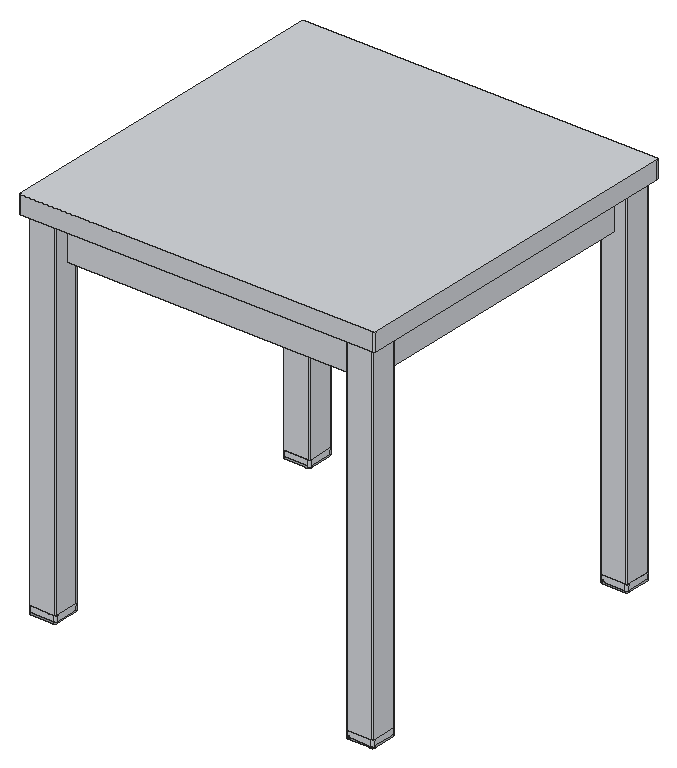
Revit family "Table-LaZBoy-K_Series-Rectangular", category Furniture, Revit 2017
Family settings
  OmniClass Number = 23.40.20.00
  Work Plane-Based = No
  Always vertical = Yes
  Cut with Voids When Loaded = No
  Shared = No
  Room Calculation Point = No
Parameters (values of type "20"x20"")
  Width = 20.00"
  URL = "https://www.la-z-boy.com/"
  Product Documentation Link = "URL"
  Model = "KOT2020"
  Manufacturer = "LaZBoy"
  Height = 21.25"
  Description = "Rectangular Magazine Table, Thermofoil"
  Depth = 20.00"
  Copyright © = "Inc"
  Assembly Code = "E2020200"
  Table Material [instance] = none
Types (4): name | Width | Model | Height | Depth
  20"x20" | 20.00" | "KOT2020" | 21.25" | 20.00"
  24"x20" | 24.00" | "KOT2420" | 21.25" | 20.00"
  36"x36" | 36.00" | "KOT3636" | 16.25" | 36.00"
  48"x20" | 48.00" | "KOT4820" | 16.25" | 20.00"
Reference planes (in)
  plane 1 "Center (Front/Back)": y = 0
  plane 2: z = 0
  plane 3 "Center (Left/Right)": x = 0
  plane 4 "Left": x = -10
  plane 5 "Right": x = 10
  plane 6: z = 21.25
  plane 7: y = 10
  plane 8: y = -10
  plane 9: z = 20.25
  plane 10: z = 18
  plane 11: x = -8.94365
  plane 12: y = 8.94365
  plane 13: y = -8.94365
  plane 14: x = 8.94365
Forms (in)
  Extrusion 1, solid, material <- "Table Material"
    sketch origin (0, 20.07714, 21.25) x (0, 1, 0) y (-1, 0, 0)
      loop
        line (-11.88964, 8.9375) -> (-28.26464, 8.9375) -> (-28.26464, 8.5) -> (-27.82714, 8.0625) -> (-26.54865, 8.0625) -> (-28.13964, 6.47151) -> (-28.13964, 7.75) -> (-28.57714, 8.1875) -> (-29.01464, 8.1875) -> (-29.01464, -8.1875) -> (-28.57714, -8.1875) -> (-28.13964, -7.75) -> (-28.13964, -6.47151) -> (-26.54865, -8.0625) -> (-27.82714, -8.0625) -> (-28.26464, -8.5) -> (-28.26464, -8.9375) -> (-11.88964, -8.9375) -> (-11.88964, -8.5) -> (-12.32714, -8.0625) -> (-13.60563, -8.0625) -> (-12.01464, -6.47151) -> (-12.01464, -7.75) -> (-11.57714, -8.1875) -> (-11.13964, -8.1875) -> (-11.13964, 8.1875) -> (-11.57714, 8.1875) -> (-12.01464, 7.75) -> (-12.01464, 6.47151) -> (-13.60563, 8.0625) -> (-12.32714, 8.0625) -> (-11.88964, 8.5) -> (-11.88964, 8.9375)
      loop
        line (-28.13964, 5.23407) -> (-28.13964, -5.23407) -> (-25.31121, -8.0625) -> (-14.84306, -8.0625) -> (-12.01464, -5.23407) -> (-12.01464, 5.23407) -> (-14.84306, 8.0625) -> (-25.31121, 8.0625) -> (-28.13964, 5.23407)
    from -3.25 to -1
  Extrusion 2, solid, material <- "Table Material"
    sketch origin (0, 20.07714, 21.25) x (0, 1, 0) y (-1, 0, 0)
      loop
        arc (-10.07714, 9.89) -> (-10.10936, 9.96778) -> (-10.18714, 10) r 0.11
        line (-10.18714, 10) -> (-29.96714, 10)
        arc (-29.96714, 10) -> (-30.04492, 9.96778) -> (-30.07714, 9.89) r 0.11
        line (-30.07714, 9.89) -> (-30.07714, -9.89)
        arc (-30.07714, -9.89) -> (-30.04492, -9.96778) -> (-29.96714, -10) r 0.11
        line (-29.96714, -10) -> (-10.18714, -10)
        arc (-10.18714, -10) -> (-10.10936, -9.96778) -> (-10.07714, -9.89) r 0.11
        line (-10.07714, -9.89) -> (-10.07714, 9.89)
    from 0 to -1
Lines and regions (in)
  Masking region 1
    outline origin (0, 0, 0) x (1, 0, 0) y (0, 1, 0)
      loop
        line (9.89, 10) -> (-9.89, 10)
        arc (-9.89, 10) -> (-9.96778, 9.96778) -> (-10, 9.89) r 0.11
        line (-10, 9.89) -> (-10, -9.89)
        arc (-10, -9.89) -> (-9.96778, -9.96778) -> (-9.89, -10) r 0.11
        line (-9.89, -10) -> (9.89, -10)
        arc (9.89, -10) -> (9.96778, -9.96778) -> (10, -9.89) r 0.11
        line (10, -9.89) -> (10, 9.89)
        arc (10, 9.89) -> (9.96778, 9.96778) -> (9.89, 10) r 0.11
Dimensions and locks (in)
  equal spacing: plane 4 "Left", plane 3 "Center (Left/Right)", plane 5 "Right"
  "Height": plane 6 to plane 2
  "Width": plane 4 "Left" to plane 5 "Right"
  "Depth": plane 7 to plane 8
  equal spacing: plane 7, plane 1 "Center (Front/Back)", plane 8
  locked: plane 6 to plane 9 at 1
  locked: plane 10 to plane 9 at 2.25
  locked: plane 4 "Left" to plane 11 at 1.05635
  equal spacing: plane 13, plane 1 "Center (Front/Back)", plane 12
  equal spacing: plane 11, plane 3 "Center (Left/Right)", plane 14
  locked: plane 12 to plane 7 at 1.05635
  radius of Extrusion 2 sketch curve = 0.11"  (x4)
  aligned and locked: level to plane 2
  aligned and locked: plane 3 "Center (Left/Right)" to nested 1
  aligned and locked: plane 1 "Center (Front/Back)" to nested 1
  aligned and locked: plane 9 to Extrusion 1
  aligned and locked: plane 10 to Extrusion 1
  aligned and locked: nested 3 to plane 11
  aligned and locked: nested 3 to plane 13
  aligned and locked: plane 11 to nested 2
  aligned and locked: plane 12 to nested 2
  aligned and locked: plane 14 to nested 4
  aligned and locked: nested 4 to plane 12
  aligned and locked: plane 13 to nested 5
  aligned and locked: nested 5 to plane 14
  aligned and locked: Extrusion 2 to plane 6
  aligned and locked: Extrusion 2 to plane 9
  aligned and locked: Extrusion 2 sketch curve to plane 7
  aligned and locked: plane 5 "Right" to Extrusion 2 sketch curve
  aligned and locked: Masking region 1 sketch curve to Extrusion 2  (x4)
Automatic sketch dimensions
  Extrusion 1 sketch curve to plane 8 = 1.0625"
  Extrusion 1 sketch curve to Extrusion 1 sketch curve = 0.4375"  (x11)
  Extrusion 1 sketch curve to Extrusion 1 sketch curve = 0.3125"  (x15)
  Extrusion 1 sketch curve to Extrusion 1 sketch curve = 0.00"  (x4)
  Extrusion 1 sketch curve to Extrusion 1 sketch curve = 1.27849"  (x7)
  plane 4 "Left" to Extrusion 1 sketch curve = 1.9375"  (x2)
  Extrusion 1 sketch curve to Extrusion 1 sketch curve = 1.23744"  (x8)
  plane 5 "Right" to Extrusion 1 sketch curve = 1.9375"  (x2)
  Extrusion 1 sketch curve to plane 7 = 4.76593"  (x2)
  plane 5 "Right" to Extrusion 1 sketch curve = 1.8125"
  Extrusion 1 sketch curve to Extrusion 1 sketch curve = 0.125"
  Extrusion 1 sketch curve to Extrusion 1 sketch curve = 2.82843"  (x2)
  Extrusion 2 sketch curve to plane 8 = 0.00"
  Extrusion 2 sketch curve to plane 4 "Left" = 0.00"
  Extrusion 2 sketch curve to plane 5 "Right" = 0.00"
  Extrusion 2 sketch curve to plane 8 = 0.11"
Nested families (in)
  nested 1: "Label 1-16" at (0, 0, 0), type "Center", detail levels fine
    with Offset (LR) 0.00"
  nested 2: "TableLeg-KSeries" at (-8.94365, 8.94365, 0), Height <- "Height", Leg Material <- "Table Material", type "Leg"
    with Leg Material none, Height 21.25"
  nested 3: "TableLeg-KSeries" at (-8.94365, -8.94365, 0), Height <- "Height", Leg Material <- "Table Material", type "Leg"
    with Leg Material none, Height 21.25"
  nested 4: "TableLeg-KSeries" at (8.94365, 8.94365, 0) x (-1, 0, 0) z (0, 0, 1), Height <- "Height", Leg Material <- "Table Material", type "Leg"
    with Leg Material none, Height 21.25"
  nested 5: "TableLeg-KSeries" at (8.94365, -8.94365, 0) x (-1, 0, 0) z (0, 0, 1), Height <- "Height", Leg Material <- "Table Material", type "Leg"
    with Leg Material none, Height 21.25"
Definition of nested family "TableLeg-KSeries"
  Parameters (values of type "Leg")
    Leg Material [instance] = none
    Height [instance] = 15.955"
  Reference planes (in)
    plane 1 "Center (Front/Back)": y = 0
    plane 2: z = 0
    plane 3 "Center (Left/Right)": x = 0
    plane 4: z = 14.955
    plane 5: z = 15.955
  Forms (in)
    Extrusion 1, solid, material <- "Leg Material"
      sketch origin (0, 0, 0) x (1, 0, 0) y (0, 1, 0)
        loop
          line (0.69365, 0.75615) -> (-0.69365, 0.75615)
          arc (-0.69365, 0.75615) -> (-0.73785, 0.73785) -> (-0.75615, 0.69365) r 0.0625
          line (-0.75615, 0.69365) -> (-0.75615, -0.69365)
          arc (-0.75615, -0.69365) -> (-0.73785, -0.73785) -> (-0.69365, -0.75615) r 0.0625
          line (-0.69365, -0.75615) -> (0.69365, -0.75615)
          arc (0.69365, -0.75615) -> (0.73785, -0.73785) -> (0.75615, -0.69365) r 0.0625
          line (0.75615, -0.69365) -> (0.75615, 0.69365)
          arc (0.75615, 0.69365) -> (0.73785, 0.73785) -> (0.69365, 0.75615) r 0.0625
      from 0.455 to 14.955
    Extrusion 2, solid
      sketch origin (0, 0, 0) x (1, 0, 0) y (0, 1, 0)
        loop
          line (0.51319, 0.61335) -> (-0.51453, 0.61335)
          arc (-0.51453, 0.61335) -> (-0.58441, 0.58441) -> (-0.61335, 0.51453) r 0.09882
          line (-0.61335, 0.51453) -> (-0.61335, -0.51319)
          arc (-0.61335, -0.51319) -> (-0.58441, -0.58306) -> (-0.51453, -0.61201) r 0.09882
          line (-0.51453, -0.61201) -> (0.51319, -0.61201)
          arc (0.51319, -0.61201) -> (0.58306, -0.58306) -> (0.61201, -0.51319) r 0.09882
          line (0.61201, -0.51319) -> (0.61201, 0.51453)
          arc (0.61201, 0.51453) -> (0.58306, 0.58441) -> (0.51319, 0.61335) r 0.09882
      from 0 to 0.455
    Sweep 3, solid
      path origin (0, 0, 0) x (1, 0, 0) y (0, 1, 0)
        loop
          line (0.65268, 0.67585) -> (-0.65416, 0.67585)
          arc (-0.65416, 0.67585) -> (-0.6695, 0.6695) -> (-0.67585, 0.65416) r 0.02169
          line (-0.67585, 0.65416) -> (-0.67585, -0.65268)
          arc (-0.67585, -0.65268) -> (-0.6695, -0.66802) -> (-0.65416, -0.67437) r 0.02169
          line (-0.65416, -0.67437) -> (0.65268, -0.67437)
          arc (0.65268, -0.67437) -> (0.66802, -0.66802) -> (0.67437, -0.65268) r 0.02169
          line (0.67437, -0.65268) -> (0.67437, 0.65416)
          arc (0.67437, 0.65416) -> (0.66802, 0.6695) -> (0.65268, 0.67585) r 0.02169
      profile origin (-0.00074, 0.67585, 0) x (0, -1, 0) y (0, 0, 1)
        loop
          line (-0.09732, 0.455) -> (-0.09732, 0.125)
          spline (-0.09732, 0.125) -> (-0.09649, 0.10868) -> (-0.094, 0.09265) -> (-0.08991, 0.07716) -> (-0.08428, 0.0625) -> (-0.07721, 0.0489) -> (-0.06881, 0.03661) -> (-0.05924, 0.02583) -> (-0.04866, 0.01675) -> (-0.03724, 0.00952) -> (-0.02519, 0.00426) -> (-0.0127, 0.00107) -> (0, 0)
          line (0, 0) -> (0, 0.455) -> (-0.09732, 0.455)
  Dimensions and locks (in)
    Extrusion 1 sketch curve to Extrusion 1 sketch curve = 1.5123"  (x2)
    equal spacing: Extrusion 1 sketch curve, plane 3 "Center (Left/Right)", Extrusion 1 sketch curve
    equal spacing: Extrusion 1 sketch curve, plane 1 "Center (Front/Back)", Extrusion 1 sketch curve
    locked: plane 5 to plane 4 at 1
    "Height": plane 5 to plane 2
    aligned and locked: level to plane 2
    aligned and locked: Extrusion 1 to plane 4
  Automatic sketch dimensions
    Extrusion 1 sketch curve to Extrusion 1 sketch curve = 0.0625"  (x4)
    Extrusion 2 sketch curve to plane 3 "Center (Left/Right)" = 0.61335"
    Extrusion 2 sketch curve to Extrusion 2 sketch curve = 0.09882"  (x3)
    plane 3 "Center (Left/Right)" to Extrusion 2 sketch curve = 0.51319"  (x2)
    plane 1 "Center (Front/Back)" to Extrusion 2 sketch curve = 0.61201"
    Extrusion 2 sketch curve to plane 1 "Center (Front/Back)" = 0.51453"
    Sweep 3 sketch curve to plane 3 "Center (Left/Right)" = 0.67585"
    Sweep 3 sketch curve to Sweep 3 sketch curve = 0.02169"  (x3)
    plane 3 "Center (Left/Right)" to Sweep 3 sketch curve = 0.65268"  (x2)
    plane 1 "Center (Front/Back)" to Sweep 3 sketch curve = 0.67437"
    Sweep 3 sketch curve to plane 1 "Center (Front/Back)" = 0.65416"
    Sweep 3 sketch curve to level = 0.00"
    Sweep 3 sketch curve to profile plane = 0.00"
    profile plane to Sweep 3 sketch curve = 0.09732"
    level to Sweep 3 sketch curve = 0.455"
    level to Sweep 3 sketch curve = 0.125"
    Sweep 3 sketch curve to Sweep 3 sketch curve = 0.00"
Definition of nested family "Label 1-16"
  Parameters (values of type "Center")
    P_Width = 0.00"
    Text_Width = "Empty"
    Text_Height = "Empty"
    Text_Diameter = "Empty"
    Text_Depth = "Empty"
    Offset (LR) [instance] = 0.00"
    Model Name = "6961"
    P_Height = 0.00"
    Distance of Center (not Change) = 0.00"
    P_Diameter = 0.00"
    P_Depth = 0.00"
  Reference planes (in)
    plane 1: y = 0
    plane 2: x = 0
  Lines and regions (in)
    reference lines
      curve 1: line (-0.44359, 0, 0) -> (0.41085, 0, 0)
      curve 3: line (0, 0.32564, 0) -> (0, -0.40221, 0)
    reference lines, not visible
      curve 2: line (-0.44359, 0.09843, 0) -> (0.41085, 0.09843, 0)
      curve 4: line (0, 0.42407, 0) -> (0, -0.30379, 0)
  Text (in)
    label "Empty" at (0.00197, -0.0079, 0), shows "Model Name"
    label "Empty" at (0.00197, 0.09052, 0), shows "Model Name", not visible
  Dimensions and locks (in)
    "Distance of Center (not Change)": plane 1 to curve 1
    "Offset (LR)": curve 3 to plane 2
  Automatic sketch dimensions
    curve 1 to curve 3 = 0.44359"
    curve 3 to curve 1 = 0.41085"
    curve 3 to curve 1 = 0.40221"
    curve 1 to curve 3 = 0.32564"
    curve 2 to curve 4 = 0.44359"
    curve 4 to curve 2 = 0.41085"
    curve 4 to curve 2 = 0.40221"
    curve 2 to curve 4 = 0.32564"
